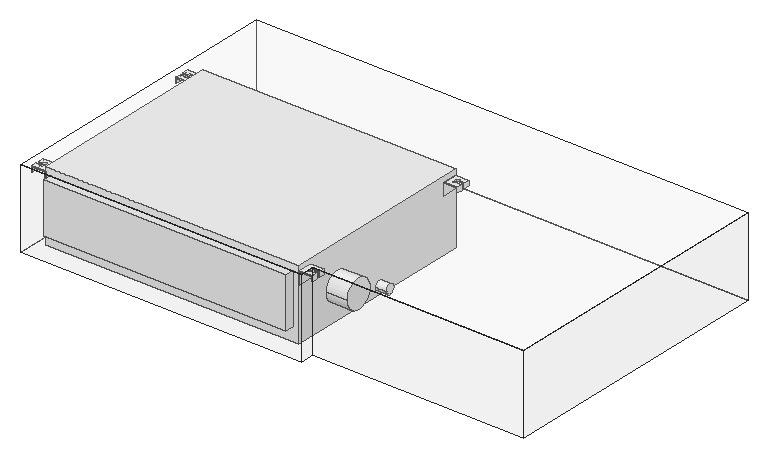
Revit family "pe-rp50_160da21_60Hz", category 機械設備, Revit 2019
Family settings
  丸型コネクタ寸法 = 直径を使用
  パーツ タイプ = 標準
  OmniClass 番号 = 23.75.10.24.21.27.27
  OmniClass タイトル = Split System Air Conditioning Units
  作業面ベース = いいえ
  常に垂直 = はい
  ロード時にボイドで切り取り = いいえ
  共有 = いいえ
  部屋計算ポイント = はい
Parameters (values of type "PE-RP50DA21_60Hz")
  風量（弱）（m3／min） = 12
  風量（中）（m3／min） = 14.5
  風量（m3／min） = 17
  風量 = MAX風量  # 1020.0 m³/h
  音響パワーレベル（弱）(dB) = 51
  音響パワーレベル（中）(dB) = 53
  音響パワーレベル(dB) = 56
  電源種別 = "一般"
  電圧_電気ヒーター = 0 V
  電圧 = 200 V
  電動機出力_送風機 = 0.085 kW
  運転質量 = 0.00 kg
  連動 = ""
  質量 = if(製品質量 > 運転質量, 製品質量, 運転質量) * 1.2  # 32.40 kg
  負荷分類 = 3_ファン類
  説明 = "店舗・事務所用パッケージエアコン（Mr.SLIM） 天井埋込形"
  設計暖房能力 = 0 kW
  設計冷房能力_顕熱 = 0 kW
  設計冷房能力 = 0 kW
  設置方法 = "天井吊（隠ぺい）形"
  記号 = ""
  製造元 = "三菱電機株式会社"
  製品質量 = 27.00 kg
  製品出荷対象 = "国内"
  製品リリース年月 = "2025/5/12"
  製品グループ = ""
  系統 = ""
  符号 = "PAC-CID"
  積算_科目 = "1 空気調和設備"
  積算_拾い区分 = ""
  相_電気ヒーター = 1
  相 = 1
  盤記号 = ""
  発停方法 = ""
  特殊仕様 = ""
  火災停止 = ""
  消費電力_電気ヒーター = 0 kW
  消費電力_暖房 = 0.12 kW
  消費電力_加湿器 = 0 kW
  消費電力_冷房 = 0.12 kW
  消費電力 = if(消費電力_冷房 > 消費電力_暖房, 消費電力_冷房, 消費電力_暖房) + 消費電力_加湿器 + 消費電力_電気ヒーター  # 0.12 kW
  法定耐用年数 = "15"
  機外静圧 = 50.0 Pa
  製造番号 = ""
  極数 = 3
  材質 = "溶融亜鉛メッキ鋼板"
  本体マテリアル = 鋼、ペイント仕上げ、アイボリー、光沢
  有効加湿量 = 0
  暖房能力 = 5 kW
  形式_加湿器 = ""
  形式 = "天井吊（隠ぺい）形（両ダクト形）"
  幹線記号 = ""
  始動方式 = "直入"
  呼称 = "室内機_天井吊(隠ぺい)形(両ダクト形)"
  周波数 = 60 Hz
  吊り位置Y = 643.00 mm
  吊り位置X = 954.00 mm
  加湿給水管径 = 0 mm
  分類コード = "50053003123080"
  分類グループ = ""
  冷房能力 = 4.5 kW
  冷媒高低圧ガス管径 = 0 mm
  冷媒管径符号 = "Ac"
  冷媒管径 = 100 mm
  冷媒液管径 = 6.35 mm
  冷媒ガス管径 = 12.7 mm
  価格 = 0
  企業コード = "108420"
  付属品_フィルター = ""
  付属品 = ""
  モデル = "PE-RP50DA21"
  ドレン管径 = 32 mm
  サービススペース = yes
  ケーブル種類 = ""
  Width = 900.00 mm
  Version = ""
  Uniclass2015Version = "Systems v1.9"
  Uniclass2015Title = "Split coil remote air cooled condensing units"
  Uniclass2015Code = "Pr_70_65_03_84"
  URL = "https://www.mitsubishielectric.co.jp/ldg/wink/qr/002/338238/"
  SpecificationReference = ""
  SpecificationDescription = ""
  SAサイズ_W = 860.00 mm
  SAサイズ_D = 178.00 mm
  Revision = ""
  RAサイズ_W = 858.00 mm
  RAサイズ_D = 210.00 mm
  ProductInformation = ""
  OmniClassCode = "23-33 17 13 11"
  MIN風量 = 風量（弱）（m3／min） * 60.0 m³/h  # 720.0 m³/h
  MID風量 = 風量（中）（m3／min） * 60.0 m³/h  # 870.0 m³/h
  MAX風量 = 風量（m3／min） * 60.0 m³/h  # 1020.0 m³/h
  IfcTypeProduct = ""
  IfcProduct = ""
  IfcExportType = "AIRCONDITIONINGUNIT"
  IfcExportAs = "IfcUnitaryEquipmentType"
  Height = 250.00 mm
  Depth = 700.00 mm
  Author = "三菱電機株式会社"
Types (8, lengths in mm): name | 風量（弱）（m3／min） | 風量（中）（m3／min） | 風量（m3／min） | 風量 | 音響パワーレベル（弱）(dB) | 音響パワーレベル（中）(dB) | 音響パワーレベル(dB) | 電動機出力_送風機 | 質量 | 製品質量 | 消費電力_暖房 | 消費電力_冷房 | 消費電力 | 暖房能力 | 吊り位置X | 冷房能力 | 冷媒管径符号 | 冷媒液管径 | 冷媒ガス管径 | モデル | Width | URL | SAサイズ_W | RAサイズ_W | MIN風量 | MID風量 | MAX風量
  PE-RP50DA21_60Hz | 12 | 14.5 | 17 | 1020.0 m³/h | 51 | 53 | 56 | 0.085 kW | 32.40 kg | 27.00 kg | 0.12 kW | 0.12 kW | 0.12 kW | 5 kW | 954.00 | 4.5 kW | "Ac" | 6.35 | 12.7 | "PE-RP50DA21" | 900.00 | "https://www.mitsubishielectric.co.jp/ldg/wink/qr/002/338238/" | 860.00 | 858.00 | 720.0 m³/h | 870.0 m³/h | 1020.0 m³/h
  PE-RP56DA21_60Hz | 12 | 14.5 | 17 | 1020.0 m³/h | 52 | 54 | 57 | 0.085 kW | 32.40 kg | 27.00 kg | 0.12 kW | 0.12 kW | 0.12 kW | 5.6 kW | 954.00 | 5 kW | "Ac" | 6.35 | 12.7 | "PE-RP56DA21" | 900.00 | "https://www.mitsubishielectric.co.jp/ldg/wink/qr/002/338239/" | 860.00 | 858.00 | 720.0 m³/h | 870.0 m³/h | 1020.0 m³/h
  PE-RP63DA21_60Hz | 14.5 | 18 | 21 | 1260.0 m³/h | 53 | 54 | 57 | 0.121 kW | 34.80 kg | 29.00 kg | 0.12 kW | 0.12 kW | 0.12 kW | 6.3 kW | 1154.00 | 5.6 kW | "Ac" | 6.35 | 12.7 | "PE-RP63DA21" | 1100.00 | "https://www.mitsubishielectric.co.jp/ldg/wink/qr/002/338240/" | 1060.00 | 1058.00 | 870.0 m³/h | 1080.0 m³/h | 1260.0 m³/h
  PE-RP71DA21_60Hz | 14.5 | 18 | 21 | 1260.0 m³/h | 54 | 55 | 57 | 0.121 kW | 34.80 kg | 29.00 kg | 0.12 kW | 0.12 kW | 0.12 kW | 7 kW | 1154.00 | 6.3 kW | "Bd" | 9.52 | 15.88 | "PE-RP71DA21" | 1100.00 | "https://www.mitsubishielectric.co.jp/ldg/wink/qr/002/338241/" | 1060.00 | 1058.00 | 870.0 m³/h | 1080.0 m³/h | 1260.0 m³/h
  PE-RP80DA21_60Hz | 17.5 | 21 | 25 | 1500.0 m³/h | 55 | 56 | 59 | 0.121 kW | 34.80 kg | 29.00 kg | 0.16 kW | 0.16 kW | 0.16 kW | 8 kW | 1154.00 | 7.1 kW | "Bd" | 9.52 | 15.88 | "PE-RP80DA21" | 1100.00 | "https://www.mitsubishielectric.co.jp/ldg/wink/qr/002/338242/" | 1060.00 | 1058.00 | 1050.0 m³/h | 1260.0 m³/h | 1500.0 m³/h
  PE-RP112DA21_60Hz | 24 | 29 | 34 | 2040.0 m³/h | 58 | 60 | 62 | 0.244 kW | 45.60 kg | 38.00 kg | 0.22 kW | 0.22 kW | 0.22 kW | 11.2 kW | 1454.00 | 10 kW | "Bd" | 9.52 | 15.88 | "PE-RP112DA21" | 1400.00 | "https://www.mitsubishielectric.co.jp/ldg/wink/qr/002/338243/" | 1360.00 | 1358.00 | 1440.0 m³/h | 1740.0 m³/h | 2040.0 m³/h
  PE-RP140DA21_60Hz | 24 | 29 | 34 | 2040.0 m³/h | 60 | 61 | 63 | 0.244 kW | 45.60 kg | 38.00 kg | 0.22 kW | 0.22 kW | 0.22 kW | 14 kW | 1454.00 | 12.5 kW | "Bd" | 9.52 | 15.88 | "PE-RP140DA21" | 1400.00 | "https://www.mitsubishielectric.co.jp/ldg/wink/qr/002/338244/" | 1360.00 | 1358.00 | 1440.0 m³/h | 1740.0 m³/h | 2040.0 m³/h
  PE-RP160DA21_60Hz | 24 | 29 | 34 | 2040.0 m³/h | 61 | 62 | 63 | 0.244 kW | 45.60 kg | 38.00 kg | 0.22 kW | 0.22 kW | 0.22 kW | 16 kW | 1454.00 | 14 kW | "Bd" | 9.52 | 15.88 | "PE-RP160DA21" | 1400.00 | "https://www.mitsubishielectric.co.jp/ldg/wink/qr/002/338245/" | 1360.00 | 1358.00 | 1440.0 m³/h | 1740.0 m³/h | 2040.0 m³/h
Reference planes
  plane 1 "中心(正面/背面)": y = 0
  plane 2: z = 0
  plane 3 "中心(左/右)": x = 0
  plane 4: x = -450
  plane 5: x = 450
  plane 6: y = 350
  plane 7 "サービススペース_3": y = -350
  plane 8 "吹き出しダクトW_2": x = 430
  plane 9 "吹き出しダクトW_1": x = -430
  plane 10 "吹き出しダクトH_1": z = -23
  plane 11 "吹き出しダクトH_2": z = -201
  plane 12 "吸込み口W_2": x = 429
  plane 13 "吸込み口W_1": x = -429
  plane 14 "吸込み口H_1": z = -18
  plane 15 "吸込み口H_2": z = -228
  plane 16: z = -250
  plane 17 "吊り金具Y": z = -15
  plane 18: y = -214
  plane 19: y = -147
  plane 20: y = -112
  plane 21: y = 6
  plane 22: z = -41
  plane 23: z = -122
  plane 24: z = -155
  plane 25: z = -217
  plane 26 "吊り位置X_2": x = 477
  plane 27 "吊り位置X_1": x = -477
  plane 28 "最外形X_2": x = 500
  plane 29 "最外形X_1": x = -500
  plane 30: z = -137
  plane 31: y = -180.5
  plane 32: y = -382
  plane 33 "吊り位置Y_2": y = -325
  plane 34 "吊り位置Y_1": y = 318
  plane 35 "SS_D_1": y = -400
  plane 36 "サービススペース_1": x = 1250
  plane 37 "SS_D_2": y = 377
  plane 38 "SS_H_1": z = 10
  plane 39 "SS_H_2": z = -270
  plane 40: y = 125
  plane 41 "サービススペース_2": y = 650
Forms (mm)
  Extrusion 1, solid, detail levels fine
    sketch origin (0, 0, 0) x (1, 0, 0) y (0, 1, 0)
      loop
        line (-450, 350) -> (-450, -350) -> (450, -350) -> (450, 350) -> (-450, 350)
    from -250 to 0
  Extrusion 2, solid, detail levels fine
    sketch origin (0, 0, 0) x (1, 0, 0) y (0, 0, 1)
      loop
        line (-430, -23) -> (-430, -201) -> (430, -201) -> (430, -23) -> (-430, -23)
    from 350 to 382
  Extrusion 3, solid, detail levels fine
    sketch origin (0, 0, 0) x (1, 0, 0) y (0, 0, 1)
      loop
        line (429, -18) -> (-429, -18) -> (-429, -228) -> (429, -228) -> (429, -18)
    from -350 to -340
  Extrusion 4, solid, detail levels fine
    sketch origin (0, 0, 0) x (0, 1, 0) y (0, 0, 1)
      loop
        circle (-180.5, -137) r 50
    from 450 to 528
  Extrusion 5, solid, detail levels fine
    sketch origin (0, 0, 0) x (0, 1, 0) y (0, 0, 1)
      loop
        circle (6, -217) r 16
    from 450 to 490
Dimensions and locks
  "SAサイズ_W": plane 9 "吹き出しダクトW_1" to plane 8 "吹き出しダクトW_2"
  "Width": plane 4 to plane 5
  "Depth": plane 7 "サービススペース_3" to plane 6
  "Height": level to plane 16
  locked: plane 8 "吹き出しダクトW_2" to plane 5 at 20
  "RAサイズ_W": plane 13 "吸込み口W_1" to plane 12 "吸込み口W_2"
  locked: plane 12 "吸込み口W_2" to plane 5 at 21
  equal spacing: plane 4, plane 3 "中心(左/右)", plane 5
  locked: Extrusion 4 to Extrusion 4 at 78
  locked: Extrusion 5 to Extrusion 5 at 40
  plane 29 "最外形X_1" to plane 28 "最外形X_2" = 1000.00 mm
  equal spacing: plane 29 "最外形X_1", plane 3 "中心(左/右)", plane 28 "最外形X_2"
  "吊り位置X": plane 27 "吊り位置X_1" to plane 26 "吊り位置X_2"
  equal spacing: plane 27 "吊り位置X_1", plane 3 "中心(左/右)", plane 26 "吊り位置X_2"
  locked: plane 26 "吊り位置X_2" to plane 28 "最外形X_2" at 23
  plane 33 "吊り位置Y_2" to plane 32 = 57.00 mm
  locked: plane 5 to plane 36 "サービススペース_1" at 800
  plane 28 "最外形X_2" to plane 36 "サービススペース_1" = 750.00 mm
  "ドレン管径": diameter of Extrusion 5 sketch curve
  "冷媒管径": diameter of Extrusion 4 sketch curve
  aligned and locked: level to plane 2
  aligned and locked: plane 5 to Extrusion 1
  aligned and locked: Extrusion 1 to plane 4
  aligned and locked: plane 8 "吹き出しダクトW_2" to Extrusion 2
  aligned and locked: Extrusion 2 to plane 9 "吹き出しダクトW_1"
  aligned and locked: nested 2 to Extrusion 1
  aligned and locked: nested 1 to Extrusion 1
  aligned and locked: Extrusion 1 to nested 3
  aligned and locked: Extrusion 1 to nested 4
  aligned and locked: Extrusion 4 to plane 5
  aligned and locked: Extrusion 5 to plane 5
  aligned and locked: nested 5 to plane 26 "吊り位置X_2"
  aligned and locked: nested 1 to plane 34 "吊り位置Y_1"
  aligned and locked: plane 27 "吊り位置X_1" to nested 5
  aligned and locked: nested 5 to plane 34 "吊り位置Y_1"
  aligned and locked: plane 26 "吊り位置X_2" to nested 5
  aligned and locked: nested 5 to plane 33 "吊り位置Y_2"
  aligned and locked: nested 6 to plane 36 "サービススペース_1"
  aligned and locked: plane 41 "サービススペース_2" to nested 7
  aligned and locked: plane 35 "SS_D_1" to nested 7
  aligned and locked: plane 36 "サービススペース_1" to nested 7
  aligned and locked: plane 29 "最外形X_1" to nested 7
  aligned and locked: nested 7 to plane 38 "SS_H_1"
  aligned and locked: plane 28 "最外形X_2" to nested 7
Automatic sketch dimensions
  Extrusion 1 sketch curve to plane 4 = 0.00 mm
  Extrusion 1 sketch curve to plane 5 = 0.00 mm
  plane 7 "サービススペース_3" to Extrusion 1 sketch curve = 0.00 mm
  plane 6 to Extrusion 1 sketch curve = 0.00 mm
  Extrusion 2 sketch curve to plane 9 "吹き出しダクトW_1" = 0.00 mm
  Extrusion 2 sketch curve to plane 8 "吹き出しダクトW_2" = 0.00 mm
  Extrusion 2 sketch curve to plane 11 "吹き出しダクトH_2" = 0.00 mm
  Extrusion 2 sketch curve to plane 10 "吹き出しダクトH_1" = 0.00 mm
  plane 13 "吸込み口W_1" to Extrusion 3 sketch curve = 0.00 mm
  Extrusion 3 sketch curve to plane 12 "吸込み口W_2" = 0.00 mm
  Extrusion 3 sketch curve to plane 15 "吸込み口H_2" = 0.00 mm
  Extrusion 3 sketch curve to plane 14 "吸込み口H_1" = 0.00 mm
  plane 30 to Extrusion 4 sketch curve = 0.00 mm
  Extrusion 4 sketch curve to plane 31 = 0.00 mm
  Extrusion 5 sketch curve to plane 21 = 0.00 mm
  plane 25 to Extrusion 5 sketch curve = 0.00 mm
Nested families
  nested 1: "PE-RP-DA_LEG" at (450, 318, -15) x (0, -1, 0) z (0, 0, 1), type "PE-RP-DA_LEG", detail levels fine
  nested 2: "PE-RP-DA_LEG" at (450, -325, -15) x (0, -1, 0) z (0, 0, 1), type "PE-RP-DA_LEG", detail levels fine
  nested 3: "PE-RP-DA_LEG" at (-450, 318, -15) x (0, -1, 0) z (0, 0, 1), type "PE-RP-DA_LEG", detail levels fine
  nested 4: "PE-RP-DA_LEG" at (-450, -325, -15) x (0, -1, 0) z (0, 0, 1), type "PE-RP-DA_LEG", detail levels fine
  nested 5: "固定点" at (-477, -325, 0), type "固定点"
    with W 954.00 mm, D 643.00 mm
  nested 6: "点検口設置範囲" at (1000, 350, -270), type "点検口設置範囲"
    with Width 1000.00 mm, Depth 700.00 mm
  nested 7: "サービススペース" at (1000, 125, -130), type "サービススペース"
    with Width_1 1000.00 mm, Width 1750.00 mm, Height 280.00 mm, Depth 1050.00 mm
Connectors
  piping at (528, -180.5, -137), diameter 100, driven by "冷媒管径符号", driven by "冷媒管径"
    settings: on Extrusion 4, index 1, connector inside diameter 609.6 mm, connector length 0.00 mm, flow factor 0, pipe flow 0.0 L/s, pressure drop 0.0 Pa, fitting loss kfactor 0, connector angle 0.00°, fixture units 0, engagement length 0.00 mm, angle of deflection 0.00°, flow configuration 1, flow direction 1, fitting loss method 4, system type 7, joint type 0, gender type 0, connector reference index -1, connector utility 0, adjustable connector no, is connector primary yes, connector description "Ac"
  piping at (490, 6, -217), diameter 32, driven by "ドレン管径"
    settings: on Extrusion 5, index 2, connector inside diameter 609.6 mm, connector length 0.00 mm, flow factor 0, pipe flow 0.0 L/s, pressure drop 0.0 Pa, fitting loss kfactor 0, connector angle 0.00°, fixture units 0, engagement length 0.00 mm, angle of deflection 0.00°, flow configuration 1, flow direction 2, fitting loss method 4, system type 16, joint type 0, gender type 0, connector reference index -1, connector utility 0, adjustable connector no, is connector primary no, connector description ""
  electrical at (450, 0, -125), driven by "極数", driven by "電圧", driven by "消費電力", driven by "負荷分類"
    settings: on Extrusion 1, index 3, voltage 200 V, apparent load 120 VA, apparent load phase1 0 VA, apparent load phase2 0 VA, apparent load phase3 0 VA, power factor 1, load classification "3_ファン類", number of poles 3, system type 30, power factor state 1, is connector primary yes, connector utility no, sub classification motor no, connector description ""
  hvac at (0, -382, -112), driven by "SAサイズ_D", driven by "SAサイズ_W", driven by "機外静圧", driven by "風量"
    settings: on Extrusion 2, index 4, duct flow 1020.0 m³/h, flow factor 0, pres drop 50.0 Pa, loss coef 0, conn angle 0.00°, conn width 860 mm, conn height 178 mm, conn diameter 609.6 mm, duct sys type 29, conn prof type 1, flow config 0, flow direction 2, loss method 4, conn ref index -1, conn util no, is conn primary yes, conn desc ""
  hvac at (0, 350, -123), driven by "RAサイズ_D", driven by "RAサイズ_W", driven by "機外静圧", driven by "風量"
    settings: on Extrusion 3, index 5, duct flow 1020.0 m³/h, flow factor 0, pres drop 50.0 Pa, loss coef 0, conn angle 0.00°, conn width 858 mm, conn height 210 mm, conn diameter 609.6 mm, duct sys type 29, conn prof type 1, flow config 0, flow direction 1, loss method 4, conn ref index -1, conn util no, is conn primary no, conn desc ""
Definition of nested family "PE-RP-DA_LEG"
  Reference planes
    plane 1 "中心(正面/背面)": y = 0
    plane 2: z = 0
    plane 3 "中心(左/右)": x = 0
    plane 4: x = -6
    plane 5: x = 6
    plane 6: y = 33
    plane 7: y = 21
    plane 8: y = 27
    plane 9: x = 25
    plane 10: x = -25
  Forms (mm)
    Extrusion 1, solid, detail levels fine
      sketch origin (0, 0, 0) x (1, 0, 0) y (0, 1, 0)
        loop
          line (-25, 0) -> (25, 0) -> (25, 50) -> (-25, 50) -> (-25, 0)
      from 0 to -44
    Extrusion 2, void
      sketch origin (-25, 20, 0) x (0, 1, 0) y (0, 0, 1)
        loop
          line (30, -44) -> (30, -18) -> (27, -18) -> (27, -3) -> (-17, -3) -> (-17, -44) -> (30, -44)
      from 0 to 50
    Extrusion 3, void
      sketch origin (0, 7, 0) x (1, 0, 0) y (0, 1, 0)
        loop
          line (-6, 14) -> (6, 14)
          arc (6, 14) -> (12, 20) -> (6, 26) r 6
          line (6, 26) -> (6, 43) -> (-6, 43) -> (-6, 26)
          arc (-6, 26) -> (-12, 20) -> (-6, 14) r 6
      from 0 to -45
  Cuts and joins
    Extrusion 2, Extrusion 3 cuts Extrusion 1
  Dimensions and locks
    plane 3 "中心(左/右)" to Extrusion 1 sketch curve = 25.00 mm
    Extrusion 1 sketch curve to Extrusion 1 sketch curve = 50.00 mm  (x2)
    Extrusion 1 to Extrusion 2 sketch curve = 3.00 mm  (x2)
    cut or joined group of Extrusion 1, Extrusion 2, Extrusion 3 to plane 8 = 23.00 mm
    cut or joined group of Extrusion 1, Extrusion 2, Extrusion 3 to plane 1 "中心(正面/背面)" = 50.00 mm
    aligned and locked: level to plane 2
Definition of nested family "サービススペース"
  Parameters (values of type "サービススペース")
    Width_1 [instance] = 450.00 mm
    Width [instance] = 500.00 mm
    Height [instance] = 500.00 mm
    Depth [instance] = 500.00 mm
  Reference planes
    plane 1 "中心(正面/背面)": y = 0
    plane 2: z = 0
    plane 3 "中心(左/右)": x = 0
    plane 4: y = -250
    plane 5: x = 250
    plane 6: y = 250
    plane 7: x = -250
    plane 8: z = 250
    plane 9: z = -250
    plane 10: x = 200
  Forms (mm)
    Extrusion 1, solid
      sketch origin (-638.939, 0, 72.39) x (1, 0, 0) y (0, 1, 0)
        loop
          line (388.939, 250) -> (388.939, -250) -> (838.939, -250) -> (838.939, -200) -> (888.939, -200) -> (888.939, 250) -> (388.939, 250)
      from -322.39 to 177.61
  Lines and regions (mm)
    symbolic lines
      curve 1: line (-250, 0, 250) -> (250, 0, 250)
      curve 2: line (-250, 0, -250) -> (-250, 0, 250)
      curve 3: line (250, 0, -250) -> (-250, 0, -250)
      curve 4: line (250, 0, 250) -> (250, 0, -250)
      curve 5: line (0, -250, 250) -> (0, 250, 250)
      curve 6: line (0, -250, -250) -> (0, -250, 250)
      curve 7: line (0, 250, -250) -> (0, -250, -250)
      curve 8: line (0, 250, 250) -> (0, 250, -250)
      curve 9: line (-250, 250, 0) -> (250, 250, 0)
      curve 10: line (-250, -250, 0) -> (-250, 250, 0)
      curve 11: line (200, -250, 0) -> (-250, -250, 0)
      curve 12: line (250, 250, 0) -> (250, -200, 0)
      curve 13: line (250, -200, 0) -> (200, -200, 0)
      curve 14: line (200, -200, 0) -> (200, -250, 0)
  Dimensions and locks
    equal spacing: plane 4, plane 1 "中心(正面/背面)", plane 6
    "Depth": plane 4 to plane 6
    "Width": plane 7 to plane 5
    equal spacing: plane 8, plane 2, plane 9
    "Height": plane 8 to plane 9
    "Width_1": plane 7 to plane 10
    aligned and locked: plane 9 to curve 3
    aligned and locked: plane 7 to curve 2
    aligned and locked: curve 4 to plane 5
    aligned and locked: plane 5 to Extrusion 1
    aligned and locked: Extrusion 1 to plane 7
    aligned and locked: Extrusion 1 to plane 9
    aligned and locked: plane 8 to Extrusion 1
    aligned and locked: plane 9 to curve 7
    aligned and locked: Extrusion 1 sketch curve to plane 10
  Automatic sketch dimensions
    curve 2 to plane 8 = 0.00 mm
    curve 7 to plane 4 = 0.00 mm
    curve 7 to plane 6 = 0.00 mm
    curve 6 to plane 8 = 0.00 mm
    Extrusion 1 sketch curve to plane 7 = 0.00 mm
    Extrusion 1 sketch curve to plane 5 = 0.00 mm
    plane 4 to Extrusion 1 sketch curve = 0.00 mm
    plane 6 to Extrusion 1 sketch curve = 0.00 mm
    Extrusion 1 sketch curve to plane 4 = 50.00 mm
    curve 11 to plane 7 = 0.00 mm
    curve 13 to plane 10 = 0.00 mm
    plane 4 to curve 14 = 0.00 mm
    plane 6 to curve 12 = 0.00 mm
    curve 13 to plane 4 = 50.00 mm
    curve 13 to plane 5 = 0.00 mm
Definition of nested family "固定点"
  Parameters (values of type "固定点")
    中心円 = 20.00 mm
    W [instance] = 954.00 mm
    D [instance] = 643.00 mm
  Reference planes
    plane 1 "中心(正面/背面)": y = 0
    plane 2: z = 0
    plane 3 "中心(左/右)": x = 0
    plane 4: x = 954
    plane 5: y = 643
  Lines and regions (mm)
    symbolic lines, detail levels fine
      curve 1: circle (0, 643, 0) r 10 normal (0, 0, 1)
      curve 2: circle (0, 0, 0) r 10 normal (0, 0, 1)
      curve 3: circle (954, 643, 0) r 10 normal (0, 0, 1)
      curve 4: circle (954, 0, 0) r 10 normal (0, 0, 1)
      curve 5: line (-200, 643, 0) -> (1154, 643, 0)
      curve 6: line (-200, 0, 0) -> (1154, 0, 0)
      curve 7: line (0, 843, 0) -> (0, -200, 0)
      curve 8: line (954, 843, 0) -> (954, -200, 0)
  Dimensions and locks
    "W": plane 3 "中心(左/右)" to plane 4
    "D": plane 1 "中心(正面/背面)" to plane 5
    "中心円": diameter of curve 1
    "中心円": diameter of curve 2
    "中心円": diameter of curve 3
    "中心円": diameter of curve 4
    aligned and locked: level to plane 2
    aligned and locked: plane 5 to curve 1
    aligned and locked: plane 3 "中心(左/右)" to curve 1
    aligned and locked: plane 3 "中心(左/右)" to curve 2
    aligned and locked: plane 1 "中心(正面/背面)" to curve 2
    aligned and locked: plane 4 to curve 3
    aligned and locked: plane 5 to curve 3
    aligned and locked: plane 1 "中心(正面/背面)" to curve 4
    aligned and locked: plane 4 to curve 4
    aligned and locked: plane 1 "中心(正面/背面)" to curve 6
    aligned and locked: curve 7 to plane 3 "中心(左/右)"
    aligned and locked: curve 8 to plane 4
  Automatic sketch dimensions
    curve 5 to plane 5 = 0.00 mm
    curve 6 to plane 3 "中心(左/右)" = 200.00 mm
    curve 5 to plane 3 "中心(左/右)" = 200.00 mm
    curve 4 to curve 6 = 200.00 mm
    curve 3 to curve 5 = 200.00 mm
    plane 1 "中心(正面/背面)" to curve 8 = 200.00 mm
    plane 1 "中心(正面/背面)" to curve 7 = 200.00 mm
    curve 3 to curve 8 = 200.00 mm
    curve 1 to curve 7 = 200.00 mm
Definition of nested family "点検口設置範囲"
  Parameters (values of type "点検口設置範囲")
    Width [instance] = 1000.00 mm
    Depth [instance] = 700.00 mm
  Reference planes
    plane 1 "中心(正面/背面)": y = 0
    plane 2: z = 0
    plane 3 "中心(左/右)": x = 0
    plane 4: x = -250
    plane 5: x = 250
    plane 6: y = 225
    plane 7: y = -225
  Lines and regions (mm)
    model lines
      curve 1: line (-250, 225, 0) -> (250, 225, 0)
      curve 2: line (-250, -225, 0) -> (-250, 225, 0)
      curve 3: line (250, -225, 0) -> (-250, -225, 0)
      curve 4: line (250, 225, 0) -> (250, -225, 0)
  Dimensions and locks
    plane 4 to plane 5 = 500.00 mm
    equal spacing: plane 4, plane 3 "中心(左/右)", plane 5
    equal spacing: plane 7, plane 1 "中心(正面/背面)", plane 6
    plane 7 to plane 6 = 450.00 mm
    aligned and locked: level to plane 2
    aligned and locked: curve 3 to plane 7
    aligned and locked: curve 4 to plane 5
    aligned and locked: plane 4 to curve 2
    aligned and locked: plane 6 to curve 1
